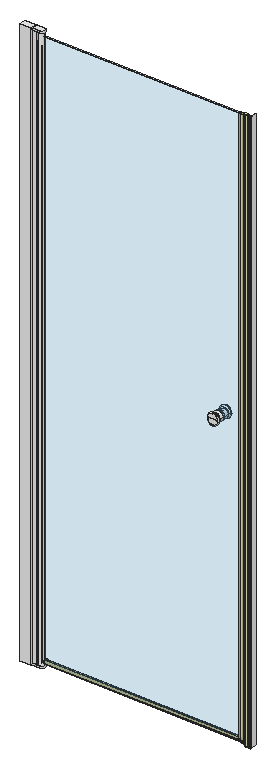
Revit family "SOL1", category Plumbing Fixtures, Revit 2015
Parameters (values of type "800")
  Width fixed panel 2 = 0 mm
  Width fixed panel = 0 mm
  Seal = Seal
  Model = "SOL1"
  L1 = 800 mm
  URL = "www.sanswiss.com"
  Type Comments = "SOLINO"
  Number of elements = 0
  Chrome = Chrome
  Aluminum = Aluminum
  Manufacturer = "SanSwiss"
  H = 2000 mm  # constant formula
  Glass = Glass
Types (5, lengths in mm): name | L1
  700 | 700
  800 | 800
  900 | 900
  1000 | 1000
  750 | 750
Reference planes
  plane 1 "Center (Front/Back)": y = 0
  plane 2: z = 0
  plane 3 "Center (Left/Right)": x = 0
  plane 4: x = 800
  plane 5: z = 2000
  plane 6 "góra": z = 1822.5
  plane 7 "klamka": z = 1000.61
  plane 8: x = 778.938
  plane 9: x = 759.789
  plane 10 "ucięcie": z = 11.8
  plane 11: z = 1984
  plane 12: z = 4.446
  plane 13: z = 1995.447
  plane 14: z = 16.178
Forms (mm)
  Extrusion 1, void, not visible
    sketch origin (0, 0, 0) x (1, 0, 0) y (0, 0, 1)
      loop
        line (47.1, 1799.5) -> (47.1, 1777.5) -> (65.984, 1777.5) -> (65.984, 1799.5) -> (47.1, 1799.5)
    from -49.545 to 25.251
  Extrusion 2, solid, material "Aluminum" <- "Aluminum", not visible
    sketch origin (0, 0, 1822.5) x (0, -1, 0) y (1, 0, 0)
      loop
        line (-1, 45.1) -> (-1, 57.085)
        arc (-1, 57.085) -> (-10, 66.085) -> (-19, 57.085) r 9
        line (-19, 57.085) -> (-19, 45.1) -> (-1, 45.1)
    from -45 to -23
  Extrusion 3, solid, material "Aluminum" <- "Aluminum", not visible
    sketch origin (0, 0, 1822.5) x (0, -1, 0) y (1, 0, 0)
      loop
        line (-1, 47.1) -> (-10, 47.1)
        arc (-10, 47.1) -> (-14.544, 48.192) -> (-18.095, 51.229) r 10
        arc (-18.095, 51.229) -> (-18.654, 51.411) -> (-19, 50.936) r 0.5
        line (-19, 50.936) -> (-19, 45.1) -> (-1, 45.1) -> (-1, 47.1)
    from -23 to 0
  Revolve 4, solid, material "Aluminum" <- "Aluminum", not visible
    sketch origin (0, 0, 1800) x (0, -1, 0) y (1, 0, 0)
      loop
        line (-21, 88.1) -> (-27.814, 88.1) -> (-27.814, 75.277) -> (-23.528, 79.564) -> (-21, 79.564) -> (-21, 88.1)
      axis (-21, 88.1) -> (-27.814, 88.1)
    angle from 0 to 360
  Revolve 5, solid, material "Aluminum" <- "Aluminum", not visible
    sketch origin (30, 0, 1800) x (0, -1, 0) y (1, 0, 0)
      loop
        line (-21, 88.1) -> (-27.814, 88.1) -> (-27.814, 75.277) -> (-23.528, 79.564) -> (-21, 79.564) -> (-21, 88.1)
      axis (-21, 88.1) -> (-27.814, 88.1)
    angle from 0 to 360
  Sweep 6, solid, material "Seal" <- "Seal"
    path origin (0, 0, -2.717) x (1, 0, 0) y (0, 0, 1)
      loop
        line (800, 1986.717) -> (800, 19.284)
    profile origin (800, 0, 1000.283) x (0, -1, 0) y (1, 0, 0)
      loop
        arc (-21.839, -38.098) -> (-21.314, -37.901) -> (-21.047, -37.409) r 0.8
        line (-21.047, -37.409) -> (-20.512, -31.606)
        arc (-20.512, -31.606) -> (-20.537, -31.058) -> (-20.757, -30.555) r 1.5
        arc (-20.757, -30.555) -> (-19.3, -25.674) -> (-20.574, -20.742) r 9.5
        arc (-20.574, -20.742) -> (-21.677, -20.006) -> (-22.933, -20.432) r 1.5
        line (-22.933, -20.432) -> (-29.748, -27.247)
        arc (-29.748, -27.247) -> (-30.154, -27.991) -> (-30.092, -28.835) r 1.5
        arc (-30.092, -28.835) -> (-29.709, -29.717) -> (-29.239, -30.555) r 9.5
        arc (-29.239, -30.555) -> (-29.459, -31.058) -> (-29.483, -31.606) r 1.5
        line (-29.483, -31.606) -> (-28.949, -37.409)
        arc (-28.949, -37.409) -> (-28.682, -37.901) -> (-28.157, -38.098) r 0.8
        line (-28.157, -38.098) -> (-27.374, -38.098) -> (-27.374, -37.133) -> (-27.83, -36.313) -> (-28.328, -31.098) -> (-21.668, -31.098) -> (-22.166, -36.313) -> (-22.622, -37.133) -> (-22.622, -38.098) -> (-21.839, -38.098)
  Extrusion 7, solid, material "Glass" <- "Glass"
    sketch origin (0, 0, 1800) x (0, -1, 0) y (1, 0, 0)
      loop
        line (-27.5, 768.902) -> (-27.5, 60.1) -> (-21.5, 60.1) -> (-21.5, 768.902) -> (-27.5, 768.902)
    from -1787 to 184
  Extrusion 8, solid, material "Seal" <- "Seal"
    sketch origin (0, 0, 0) x (0, 1, 0) y (0, 0, 1)
      loop
        line (33.991, 0.501) -> (32.472, 14.955)
        arc (32.472, 14.955) -> (32.753, 15.358) -> (33.243, 15.314) r 0.49
        line (33.243, 15.314) -> (35.532, 14.701) -> (35.49, 15.494)
        arc (35.49, 15.494) -> (35.318, 15.967) -> (34.91, 16.264) r 0.862
        line (34.91, 16.264) -> (29.09, 17.823) -> (28.328, 24.346)
        arc (28.328, 24.346) -> (27.784, 25.009) -> (26.955, 24.792) r 0.794
        line (26.955, 24.792) -> (28.209, 14.063)
        arc (28.209, 14.063) -> (27.898, 13.311) -> (27.147, 13) r 1.063
        line (27.147, 13) -> (22.622, 13)
        arc (22.622, 13) -> (21.976, 13.301) -> (21.792, 13.989) r 0.843
        line (21.792, 13.989) -> (23.046, 24.932)
        arc (23.046, 24.932) -> (22.173, 24.949) -> (21.668, 24.238) r 0.932
        line (21.668, 24.238) -> (20.512, 14.15)
        arc (20.512, 14.15) -> (21.075, 12.392) -> (22.764, 11.649) r 2.245
        line (22.764, 11.649) -> (27.214, 11.649)
        arc (27.214, 11.649) -> (28.718, 12.211) -> (29.483, 13.621) r 2.291
        line (29.483, 13.621) -> (29.387, 14.992)
        arc (29.387, 14.992) -> (29.469, 15.443) -> (29.898, 15.605) r 0.465
        line (29.898, 15.605) -> (30.87, 15.725)
        arc (30.87, 15.725) -> (31.281, 15.554) -> (31.451, 15.143) r 0.581
        line (31.451, 15.143) -> (33.001, 0.397)
        arc (33.001, 0.397) -> (33.548, -0.046) -> (33.991, 0.501) r 0.498
    from 77.062 to 778.938
  Extrusion 9, void
    sketch origin (0, 0, 0) x (1, 0, 0) y (0, 0, 1)
      loop
        line (784.842, 16.567) -> (784.842, 33.757) -> (761.902, 33.757) -> (761.902, 16.567) -> (784.842, 16.567)
    from -108.898 to 31.895
  Sweep 10, void
    path origin (-49.514, 0.178, 0) x (1, 0, 0) y (0, 0, 1)
      loop
        line (900, -1.043) -> (900, 23.957)
    profile origin (850.486, 0.178, 11.457) x (-1, 0, 0) y (0, -1, 0)
      loop
        line (85.009, -36.361) -> (69.995, -21.347) -> (69.995, -36.361) -> (85.009, -36.361)
  Sweep 11, solid, material "Seal" <- "Seal"
    path origin (0, 0, 0) x (1, 0, 0) y (0, 0, 1)
      loop
        line (800, 1984) -> (800, 0)
    profile origin (800, 0, 992) x (0, -1, 0) y (1, 0, 0)
      loop
        line (-28.662, -26.162) -> (-21.774, -19.274)
        arc (-21.774, -19.274) -> (-21.402, -18.561) -> (-21.507, -17.764) r 1.337
        line (-21.507, -17.764) -> (-22.351, -16.035)
        arc (-22.351, -16.035) -> (-22.148, -15.591) -> (-22.102, -15.105) r 1.463
        line (-22.102, -15.105) -> (-22.646, -9.188)
        arc (-22.646, -9.188) -> (-22.904, -8.684) -> (-23.438, -8.499) r 0.759
        arc (-23.438, -8.499) -> (-23.857, -8.527) -> (-24.187, -8.786) r 0.711
        line (-24.187, -8.786) -> (-24.096, -9.652) -> (-23.757, -10.379) -> (-23.288, -15.472) -> (-29.898, -15.472) -> (-29.433, -10.326) -> (-29.09, -9.591)
        arc (-29.09, -9.591) -> (-28.984, -9.058) -> (-29.199, -8.559) r 0.916
        arc (-29.199, -8.559) -> (-30.032, -8.534) -> (-30.548, -9.188) r 0.927
        line (-30.548, -9.188) -> (-31.085, -15.12)
        arc (-31.085, -15.12) -> (-31.046, -15.603) -> (-30.838, -16.04) r 1.336
        arc (-30.838, -16.04) -> (-32.307, -20.856) -> (-31.071, -25.737) r 9.37
        arc (-31.071, -25.737) -> (-29.977, -26.577) -> (-28.662, -26.162) r 1.493
  Sweep 12, solid, material "Aluminum" <- "Aluminum"
    path origin (0, 0, 0) x (1, 0, 0) y (0, 0, 1)
      loop
        line (800, 1984) -> (800, 0)
    profile origin (800, 0, 992) x (0, -1, 0) y (1, 0, 0)
      loop
        line (-28.247, -15.489) -> (-28.247, -8.519) -> (-24.947, -8.519) -> (-24.947, -15.498) -> (-23.648, -15.498) -> (-23.648, -0.218)
        arc (-23.648, -0.218) -> (-24.583, -0.806) -> (-24.947, -1.848) r 1.673
        line (-24.947, -1.848) -> (-24.947, -7.198) -> (-28.247, -7.198) -> (-28.247, -1.976)
        arc (-28.247, -1.976) -> (-28.826, -0.579) -> (-30.223, 0) r 1.976
        line (-30.223, 0) -> (-46.642, 0)
        arc (-46.642, 0) -> (-46.389, -1.318) -> (-45.237, -2.007) r 1.641
        line (-45.237, -2.007) -> (-30.531, -2.007)
        arc (-30.531, -2.007) -> (-29.867, -2.261) -> (-29.545, -2.895) r 0.992
        line (-29.545, -2.895) -> (-29.545, -14.874)
        arc (-29.545, -14.874) -> (-29.446, -15.303) -> (-29.047, -15.489) r 0.502
        line (-29.047, -15.489) -> (-28.247, -15.489)
  Revolve 13, solid, material "Aluminum" <- "Aluminum"
    sketch origin (0, 0, 1883.974) x (-1, 0, 0) y (0, -1, 0)
      loop
        line (-797.993, -39.145) -> (-791.785, -39.145)
        arc (-791.785, -39.145) -> (-791.973, -36.391) -> (-792.551, -33.693) r 19.345
        arc (-792.551, -33.693) -> (-793.289, -32.645) -> (-794.514, -32.271) r 1.972
        line (-794.514, -32.271) -> (-797.993, -32.271) -> (-797.993, -39.145)
      axis (-797.993, -39.145) -> (-791.785, -39.145)
    angle from 0 to 360
  Sweep 14, solid, material "Aluminum" <- "Aluminum"
    path origin (0, 0, 0) x (1, 0, 0) y (0, 0, 1)
      loop
        line (0, 2000) -> (0, 0)
    profile origin (0, 0, 1000) x (0, -1, 0) y (1, 0, 0)
      loop
        arc (-38.263, 1.8) -> (-37.735, 0.527) -> (-36.463, 0) r 1.8
        line (-36.463, 0) -> (-13.263, 0)
        arc (-13.263, 0) -> (-11.995, 0.525) -> (-11.47, 1.792) r 1.792
        line (-11.47, 1.792) -> (-11.47, 38.242)
        arc (-11.47, 38.242) -> (-11.866, 39.197) -> (-12.82, 39.592) r 1.35
        line (-12.82, 39.592) -> (-36.859, 39.592)
        arc (-36.859, 39.592) -> (-37.852, 39.181) -> (-38.263, 38.189) r 1.403
        line (-38.263, 38.189) -> (-38.263, 1.8)
  Revolve 15, solid, material "Aluminum" <- "Aluminum"
    sketch origin (-9.312, 936.256, 1900.61) x (0, 1, 0) y (-1, 0, 0)
      loop
        line (-897.993, -39.145) -> (-892.092, -39.145)
        arc (-892.092, -39.145) -> (-892.298, -36.517) -> (-892.793, -33.929) r 23.774
        arc (-892.793, -33.929) -> (-893.497, -32.844) -> (-894.72, -32.423) r 1.986
        line (-894.72, -32.423) -> (-897.993, -32.423) -> (-897.993, -39.145)
      axis (-897.993, -39.145) -> (-892.092, -39.145)
    angle from 0 to 360
  Revolve 16, solid, material "Aluminum" <- "Aluminum"
    sketch origin (-9.312, 936.256, 1000.61) x (0, 1, 0) y (-1, 0, 0)
      loop
        line (-897.993, -39.145) -> (-892.092, -39.145)
        arc (-892.092, -39.145) -> (-892.298, -36.517) -> (-892.793, -33.929) r 23.774
        arc (-892.793, -33.929) -> (-893.497, -32.844) -> (-894.72, -32.423) r 1.986
        line (-894.72, -32.423) -> (-897.993, -32.423) -> (-897.993, -39.145)
      axis (-897.993, -39.145) -> (-892.092, -39.145)
    angle from 0 to 360
  Revolve 17, solid, material "Aluminum" <- "Aluminum"
    sketch origin (-9.312, 936.256, 100.61) x (0, 1, 0) y (-1, 0, 0)
      loop
        line (-897.993, -39.145) -> (-892.092, -39.145)
        arc (-892.092, -39.145) -> (-892.298, -36.517) -> (-892.793, -33.929) r 23.774
        arc (-892.793, -33.929) -> (-893.497, -32.844) -> (-894.72, -32.423) r 1.986
        line (-894.72, -32.423) -> (-897.993, -32.423) -> (-897.993, -39.145)
      axis (-897.993, -39.145) -> (-892.092, -39.145)
    angle from 0 to 360
  Revolve 18, solid, material "Aluminum" <- "Aluminum"
    sketch origin (0, 0, 992) x (-1, 0, 0) y (0, -1, 0)
      loop
        line (-797.993, -39.145) -> (-791.785, -39.145)
        arc (-791.785, -39.145) -> (-791.973, -36.391) -> (-792.551, -33.693) r 19.345
        arc (-792.551, -33.693) -> (-793.289, -32.645) -> (-794.514, -32.271) r 1.972
        line (-794.514, -32.271) -> (-797.993, -32.271) -> (-797.993, -39.145)
      axis (-797.993, -39.145) -> (-791.785, -39.145)
    angle from 0 to 360
  Revolve 19, solid, material "Aluminum" <- "Aluminum"
    sketch origin (0, 0, 100.189) x (-1, 0, 0) y (0, -1, 0)
      loop
        line (-797.993, -39.145) -> (-791.785, -39.145)
        arc (-791.785, -39.145) -> (-791.973, -36.391) -> (-792.551, -33.693) r 19.345
        arc (-792.551, -33.693) -> (-793.289, -32.645) -> (-794.514, -32.271) r 1.972
        line (-794.514, -32.271) -> (-797.993, -32.271) -> (-797.993, -39.145)
      axis (-797.993, -39.145) -> (-791.785, -39.145)
    angle from 0 to 360
  Sweep 20, solid, material "Aluminum" <- "Aluminum"
    path origin (0, 0, 0) x (1, 0, 0) y (0, 0, 1)
      loop
        line (0, 4.446) -> (0, 1995.447)
    profile origin (0, 0, 999.947) x (-1, 0, 0) y (0, -1, 0)
      loop
        line (-39.592, -35.556) -> (-39.592, -14.168) -> (-57.512, -14.168)
        arc (-57.512, -14.168) -> (-59.231, -15.328) -> (-59.014, -17.391) r 2.014
        line (-59.014, -17.391) -> (-60.019, -17.391) -> (-61.202, -16.839) -> (-63.706, -17.058) -> (-62.709, -17.523)
        arc (-62.709, -17.523) -> (-59.615, -18.745) -> (-57.323, -21.156) r 7.716
        line (-57.323, -21.156) -> (-57.323, -28.491)
        arc (-57.323, -28.491) -> (-59.615, -30.902) -> (-62.709, -32.123) r 7.716
        line (-62.709, -32.123) -> (-63.706, -32.588) -> (-61.202, -32.807) -> (-59.802, -32.154) -> (-58.891, -32.154)
        arc (-58.891, -32.154) -> (-59.419, -34.301) -> (-57.599, -35.556) r 1.947
        line (-57.599, -35.556) -> (-39.592, -35.556)
  Sweep 21, solid, material "Chrome" <- "Chrome"
    path origin (0, 0, 0) x (1, 0, 0) y (0, 0, 1)
      loop
        line (0, 2000) -> (0, 1995.447)
    profile origin (0, 0, 1997.723) x (0, -1, 0) y (1, 0, 0)
      loop
        line (-14.163, 39.592) -> (-14.163, 66.995)
        arc (-14.163, 66.995) -> (-24.863, 77.695) -> (-35.563, 66.995) r 10.7
        line (-35.563, 66.995) -> (-35.563, 39.592) -> (-14.163, 39.592)
  Sweep 22, solid, material "Chrome" <- "Chrome"
    path origin (0, 0, -1995.554) x (1, 0, 0) y (0, 0, 1)
      loop
        line (0, 2000) -> (0, 1995.447)
    profile origin (0, 0, 2.17) x (0, -1, 0) y (1, 0, 0)
      loop
        line (-14.163, 39.592) -> (-14.163, 66.995)
        arc (-14.163, 66.995) -> (-24.863, 77.695) -> (-35.563, 66.995) r 10.7
        line (-35.563, 66.995) -> (-35.563, 39.592) -> (-14.163, 39.592)
  Sweep 23, solid, material "Aluminum" <- "Aluminum"
    path origin (0, 0, 0) x (1, 0, 0) y (0, 0, 1)
      loop
        line (0, 4.446) -> (0, 1995.447)
    profile origin (0, 0, 999.947) x (-1, 0, 0) y (0, -1, 0)
      loop
        circle (-66.933, -24.929) r 9.238
Cuts and joins
  Extrusion 9, Sweep 10 cuts Extrusion 8
Dimensions and locks
  "L1": plane 3 "Center (Left/Right)" to plane 4
  "H": plane 5 to level
  locked: plane 3 "Center (Left/Right)" to Extrusion 7 sketch curve at 60.1
  Sweep 6 sketch curve to plane 2 = 16.567 mm
  plane 4 to plane 8 = 21.062 mm
  locked: plane 4 to plane 9 at 40.211
  locked: nested 1 to plane 4 at 110
  aligned and locked: level to plane 2
  aligned and locked: Extrusion 7 sketch curve to Sweep 6
  aligned and locked: plane 8 to Extrusion 8
  aligned and locked: Extrusion 7 to Sweep 6
Automatic sketch dimensions
  Extrusion 1 sketch curve to Extrusion 1 sketch curve = 18.884 mm
  Extrusion 1 sketch curve to Extrusion 1 sketch curve = 22 mm
  Extrusion 2 sketch curve to Extrusion 2 sketch curve = 9 mm
  Extrusion 2 sketch curve to Extrusion 2 sketch curve = 11.985 mm
  Extrusion 3 sketch curve to Extrusion 3 sketch curve = 0.5 mm
  Extrusion 3 sketch curve to Extrusion 3 sketch curve = 2 mm
  Extrusion 3 sketch curve to Extrusion 3 sketch curve = 5.836 mm
  Extrusion 3 sketch curve to Extrusion 3 sketch curve = 10 mm
  Extrusion 3 sketch curve to Extrusion 3 sketch curve = 8.5 mm
  Extrusion 3 sketch curve to Extrusion 3 sketch curve = 9 mm
  Revolve 4 sketch curve to Revolve 4 sketch curve = 6.814 mm
  Revolve 4 sketch curve to Revolve 4 sketch curve = 0 mm  (x3)
  Revolve 5 sketch curve to Revolve 5 sketch curve = 6.814 mm
  Revolve 5 sketch curve to Revolve 5 sketch curve = 4.287 mm  (x2)
  Revolve 5 sketch curve to Revolve 5 sketch curve = 8.536 mm
  Revolve 5 sketch curve to Revolve 5 sketch curve = 0 mm  (x3)
  Revolve 4 sketch curve to Revolve 4 sketch curve = 4.287 mm  (x2)
  Revolve 4 sketch curve to Revolve 4 sketch curve = 8.536 mm
  Sweep 6 sketch curve to plane 1 "Center (Front/Back)" = 29.748 mm
  Sweep 6 sketch curve to Sweep 6 sketch curve = 0.265 mm
  Sweep 6 sketch curve to Sweep 6 sketch curve = 0.534 mm
  Sweep 6 sketch curve to Sweep 6 sketch curve = 0.95 mm
  Sweep 6 sketch curve to Sweep 6 sketch curve = 1.061 mm  (x4)
  Sweep 6 sketch curve to Sweep 6 sketch curve = 1.156 mm  (x2)
  Sweep 6 sketch curve to Sweep 6 sketch curve = 0.792 mm  (x2)
  Sweep 6 sketch curve to Sweep 6 sketch curve = 0.33 mm  (x2)
  Sweep 6 sketch curve to Sweep 6 sketch curve = 0.327 mm
  Sweep 6 sketch curve to Sweep 6 sketch curve = 0.783 mm  (x2)
  Sweep 6 sketch curve to Sweep 6 sketch curve = 5.865 mm
  Sweep 6 sketch curve to Sweep 6 sketch curve = 4.752 mm
  Sweep 6 sketch curve to Sweep 6 sketch curve = 0.456 mm
  Sweep 6 sketch curve to Sweep 6 sketch curve = 0.168 mm
  Sweep 6 sketch curve to Sweep 6 sketch curve = 0.675 mm
  profile plane to Sweep 6 sketch curve = 38.098 mm
  Sweep 6 sketch curve to Sweep 6 sketch curve = 0 mm  (x2)
  Sweep 6 sketch curve to Sweep 6 sketch curve = 0.689 mm  (x2)
  Sweep 6 sketch curve to Sweep 6 sketch curve = 0.164 mm  (x2)
  Sweep 6 sketch curve to Sweep 6 sketch curve = 0.821 mm  (x2)
  Sweep 6 sketch curve to Sweep 6 sketch curve = 4.706 mm  (x2)
  Sweep 6 sketch curve to Sweep 6 sketch curve = 0.209 mm  (x2)
  Sweep 6 sketch curve to Sweep 6 sketch curve = 0.3 mm
  Sweep 6 sketch curve to Sweep 6 sketch curve = 2.789 mm
  Sweep 6 sketch curve to Sweep 6 sketch curve = 1.75 mm
  Sweep 6 sketch curve to Sweep 6 sketch curve = 5.6 mm
  Sweep 6 sketch curve to Sweep 6 sketch curve = 4.004 mm
  Sweep 6 sketch curve to Sweep 6 sketch curve = 0.912 mm
  Extrusion 7 sketch curve to plane 1 "Center (Front/Back)" = 27.5 mm
  Extrusion 7 sketch curve to Extrusion 7 sketch curve = 6 mm
  Sweep 11 sketch curve to level = 0 mm
  Sweep 11 sketch curve to plane 4 = 0 mm
  Sweep 11 sketch curve to plane 11 = 0 mm
  profile plane to Sweep 11 sketch curve = 15.12 mm
  Sweep 11 sketch curve to plane 1 "Center (Front/Back)" = 31.085 mm
  profile plane to Sweep 11 sketch curve = 9.188 mm  (x2)
  Sweep 11 sketch curve to Sweep 11 sketch curve = 0.537 mm
  Sweep 11 sketch curve to Sweep 11 sketch curve = 1.186 mm
  Sweep 11 sketch curve to Sweep 11 sketch curve = 0.654 mm
  Sweep 11 sketch curve to Sweep 11 sketch curve = 0.142 mm
  Sweep 11 sketch curve to Sweep 11 sketch curve = 0.181 mm
  Sweep 11 sketch curve to Sweep 11 sketch curve = 0.255 mm
  profile plane to Sweep 11 sketch curve = 10.326 mm
  Sweep 11 sketch curve to Sweep 11 sketch curve = 0.207 mm
  profile plane to Sweep 11 sketch curve = 9.591 mm
  Sweep 11 sketch curve to Sweep 11 sketch curve = 0.549 mm
  Sweep 11 sketch curve to Sweep 11 sketch curve = 1.056 mm  (x2)
  profile plane to Sweep 11 sketch curve = 8.786 mm
  Sweep 11 sketch curve to Sweep 11 sketch curve = 4.904 mm
  profile plane to Sweep 11 sketch curve = 9.652 mm
  Sweep 11 sketch curve to Sweep 11 sketch curve = 0.091 mm
  profile plane to Sweep 11 sketch curve = 10.379 mm
  Sweep 11 sketch curve to Sweep 11 sketch curve = 0.339 mm
  Sweep 11 sketch curve to Sweep 11 sketch curve = 0.494 mm
  Sweep 11 sketch curve to Sweep 11 sketch curve = 0.196 mm
  Sweep 11 sketch curve to Sweep 11 sketch curve = 0.2 mm
  Sweep 11 sketch curve to Sweep 11 sketch curve = 0.272 mm
  Sweep 11 sketch curve to Sweep 11 sketch curve = 0.349 mm
  Sweep 11 sketch curve to Sweep 11 sketch curve = 0.22 mm
  Sweep 11 sketch curve to Sweep 11 sketch curve = 0.756 mm
  profile plane to Sweep 11 sketch curve = 16.035 mm
  Sweep 11 sketch curve to Sweep 11 sketch curve = 0.937 mm
  profile plane to Sweep 11 sketch curve = 15.105 mm
  Sweep 11 sketch curve to Sweep 11 sketch curve = 0.249 mm
  Sweep 11 sketch curve to Sweep 11 sketch curve = 0.945 mm
  Sweep 11 sketch curve to Sweep 11 sketch curve = 1.211 mm
  Sweep 11 sketch curve to Sweep 11 sketch curve = 1.729 mm
  Sweep 11 sketch curve to Sweep 11 sketch curve = 0.565 mm
  Sweep 11 sketch curve to Sweep 11 sketch curve = 1.807 mm
  Sweep 11 sketch curve to Sweep 11 sketch curve = 4.025 mm
  Sweep 11 sketch curve to Sweep 11 sketch curve = 0.26 mm
  Sweep 11 sketch curve to Sweep 11 sketch curve = 0.215 mm
  Sweep 11 sketch curve to Sweep 11 sketch curve = 0.217 mm
  Sweep 11 sketch curve to Sweep 11 sketch curve = 0.07 mm
  Sweep 11 sketch curve to Sweep 11 sketch curve = 0.066 mm
  Sweep 11 sketch curve to Sweep 11 sketch curve = 0.221 mm
  Sweep 11 sketch curve to Sweep 11 sketch curve = 1.353 mm
  Sweep 12 sketch curve to level = 0 mm
  Sweep 12 sketch curve to plane 4 = 0 mm
  Sweep 12 sketch curve to plane 11 = 0 mm
  Sweep 12 sketch curve to profile plane = 0 mm
  Sweep 12 sketch curve to plane 1 "Center (Front/Back)" = 46.642 mm
  Sweep 12 sketch curve to Sweep 12 sketch curve = 1.405 mm
  Sweep 12 sketch curve to Sweep 12 sketch curve = 1.597 mm
  profile plane to Sweep 12 sketch curve = 2.999 mm
  Sweep 12 sketch curve to Sweep 12 sketch curve = 14.706 mm
  Sweep 12 sketch curve to Sweep 12 sketch curve = 0.308 mm
  Sweep 12 sketch curve to Sweep 12 sketch curve = 0.986 mm
  Sweep 12 sketch curve to Sweep 12 sketch curve = 0.489 mm
  Sweep 12 sketch curve to Sweep 12 sketch curve = 0.009 mm  (x2)
  Sweep 12 sketch curve to Sweep 12 sketch curve = 0.8 mm
  Sweep 12 sketch curve to Sweep 12 sketch curve = 1.298 mm
  Sweep 12 sketch curve to Sweep 12 sketch curve = 3.3 mm  (x2)
  Sweep 12 sketch curve to Sweep 12 sketch curve = 1.3 mm
  Sweep 12 sketch curve to Sweep 12 sketch curve = 1.673 mm
  Sweep 12 sketch curve to Sweep 12 sketch curve = 4.199 mm
  Sweep 12 sketch curve to Sweep 12 sketch curve = 1.321 mm
  Sweep 12 sketch curve to Sweep 12 sketch curve = 6.356 mm
  Sweep 12 sketch curve to Sweep 12 sketch curve = 0.113 mm
  Sweep 12 sketch curve to Sweep 12 sketch curve = 0.104 mm
  profile plane to Sweep 12 sketch curve = 1.848 mm
  plane 4 to Revolve 13 sketch curve = 11.13 mm
  Revolve 13 sketch curve to plane 4 = 2.007 mm
  Revolve 13 sketch curve to Revolve 13 sketch curve = 3.479 mm
  Revolve 13 sketch curve to Revolve 13 sketch curve = 0.069 mm
  Revolve 13 sketch curve to Revolve 13 sketch curve = 2.66 mm
  Revolve 13 sketch curve to plane 1 "Center (Front/Back)" = 39.145 mm
  Revolve 13 sketch curve to Revolve 13 sketch curve = 0.061 mm
  Revolve 13 sketch curve to Revolve 13 sketch curve = 4.903 mm
  Revolve 13 sketch curve to Revolve 13 sketch curve = 1.971 mm
  Revolve 13 sketch curve to Revolve 13 sketch curve = 0 mm  (x2)
  Revolve 13 sketch curve to Revolve 13 sketch curve = 0.766 mm
  Sweep 14 sketch curve to level = 0 mm
  Sweep 14 sketch curve to plane 3 "Center (Left/Right)" = 0 mm
  Sweep 14 sketch curve to plane 5 = 0 mm
  Sweep 14 sketch curve to profile plane = 0 mm
  Sweep 14 sketch curve to profile plane = 1.8 mm
  Sweep 14 sketch curve to plane 1 "Center (Front/Back)" = 38.263 mm
  Sweep 14 sketch curve to Sweep 14 sketch curve = 1.403 mm
  Sweep 14 sketch curve to plane 1 "Center (Front/Back)" = 13.263 mm
  Sweep 14 sketch curve to plane 1 "Center (Front/Back)" = 12.82 mm
  Sweep 14 sketch curve to Sweep 14 sketch curve = 1.792 mm
  Sweep 14 sketch curve to Sweep 14 sketch curve = 36.389 mm
  Revolve 15 sketch curve to plane 1 "Center (Front/Back)" = 20.395 mm
  Revolve 15 sketch curve to Revolve 15 sketch curve = 17.867 mm
  Revolve 15 sketch curve to Revolve 15 sketch curve = 3.274 mm
  Revolve 15 sketch curve to Revolve 15 sketch curve = 2.627 mm
  plane 3 "Center (Left/Right)" to Revolve 15 sketch curve = 30.368 mm
  Revolve 15 sketch curve to Revolve 15 sketch curve = 0.535 mm
  Revolve 15 sketch curve to Revolve 15 sketch curve = 4.736 mm
  Revolve 15 sketch curve to Revolve 15 sketch curve = 1.986 mm
  Revolve 15 sketch curve to Revolve 15 sketch curve = 0 mm  (x2)
  Revolve 15 sketch curve to Revolve 15 sketch curve = 0.459 mm
  Revolve 16 sketch curve to plane 1 "Center (Front/Back)" = 20.395 mm
  Revolve 16 sketch curve to Revolve 16 sketch curve = 17.867 mm
  Revolve 16 sketch curve to Revolve 16 sketch curve = 3.274 mm
  Revolve 16 sketch curve to Revolve 16 sketch curve = 2.627 mm
  plane 3 "Center (Left/Right)" to Revolve 16 sketch curve = 30.368 mm
  Revolve 16 sketch curve to Revolve 16 sketch curve = 0.535 mm
  Revolve 16 sketch curve to Revolve 16 sketch curve = 4.736 mm
  Revolve 16 sketch curve to Revolve 16 sketch curve = 1.986 mm
  Revolve 16 sketch curve to Revolve 16 sketch curve = 0 mm  (x2)
  Revolve 16 sketch curve to Revolve 16 sketch curve = 0.459 mm
  Revolve 17 sketch curve to plane 1 "Center (Front/Back)" = 20.395 mm
  Revolve 17 sketch curve to Revolve 17 sketch curve = 17.867 mm
  Revolve 17 sketch curve to Revolve 17 sketch curve = 3.274 mm
  Revolve 17 sketch curve to Revolve 17 sketch curve = 2.627 mm
  plane 3 "Center (Left/Right)" to Revolve 17 sketch curve = 30.368 mm
  Revolve 17 sketch curve to Revolve 17 sketch curve = 0.535 mm
  Revolve 17 sketch curve to Revolve 17 sketch curve = 4.736 mm
  Revolve 17 sketch curve to Revolve 17 sketch curve = 1.986 mm
  Revolve 17 sketch curve to Revolve 17 sketch curve = 0 mm  (x2)
  Revolve 17 sketch curve to Revolve 17 sketch curve = 0.459 mm
  plane 4 to Revolve 18 sketch curve = 11.13 mm
  Revolve 18 sketch curve to plane 4 = 2.007 mm
  Revolve 18 sketch curve to Revolve 18 sketch curve = 3.479 mm
  Revolve 18 sketch curve to Revolve 18 sketch curve = 0.069 mm
  Revolve 18 sketch curve to Revolve 18 sketch curve = 2.66 mm
  Revolve 18 sketch curve to plane 1 "Center (Front/Back)" = 39.145 mm
  Revolve 18 sketch curve to Revolve 18 sketch curve = 0.061 mm
  Revolve 18 sketch curve to Revolve 18 sketch curve = 4.903 mm
  Revolve 18 sketch curve to Revolve 18 sketch curve = 1.971 mm
  Revolve 18 sketch curve to Revolve 18 sketch curve = 0 mm  (x2)
  Revolve 18 sketch curve to Revolve 18 sketch curve = 0.766 mm
  plane 4 to Revolve 19 sketch curve = 11.13 mm
  Revolve 19 sketch curve to plane 4 = 2.007 mm
  Revolve 19 sketch curve to Revolve 19 sketch curve = 3.479 mm
  Revolve 19 sketch curve to Revolve 19 sketch curve = 0.069 mm
  Revolve 19 sketch curve to Revolve 19 sketch curve = 2.66 mm
  Revolve 19 sketch curve to plane 1 "Center (Front/Back)" = 39.145 mm
  Revolve 19 sketch curve to Revolve 19 sketch curve = 0.061 mm
  Revolve 19 sketch curve to Revolve 19 sketch curve = 4.903 mm
  Revolve 19 sketch curve to Revolve 19 sketch curve = 1.971 mm
  Revolve 19 sketch curve to Revolve 19 sketch curve = 0 mm  (x2)
  Revolve 19 sketch curve to Revolve 19 sketch curve = 0.766 mm
  Sweep 20 sketch curve to plane 3 "Center (Left/Right)" = 0 mm
  Sweep 20 sketch curve to plane 12 = 0 mm
  Sweep 20 sketch curve to plane 13 = 0 mm
  Sweep 21 sketch curve to plane 3 "Center (Left/Right)" = 0 mm
  Sweep 21 sketch curve to plane 13 = 0 mm
  Sweep 21 sketch curve to plane 5 = 0 mm
  Sweep 21 sketch curve to plane 1 "Center (Front/Back)" = 35.563 mm
  Sweep 21 sketch curve to Sweep 21 sketch curve = 10.7 mm
  Sweep 21 sketch curve to profile plane = 39.592 mm
  Sweep 21 sketch curve to Sweep 21 sketch curve = 27.403 mm
  Sweep 22 sketch curve to plane 3 "Center (Left/Right)" = 0 mm
  Sweep 22 sketch curve to plane 12 = 0 mm
  Sweep 22 sketch curve to level = 0.107 mm
  Sweep 22 sketch curve to plane 1 "Center (Front/Back)" = 35.563 mm
  Sweep 22 sketch curve to Sweep 22 sketch curve = 10.7 mm
  Sweep 22 sketch curve to profile plane = 39.592 mm
  Sweep 22 sketch curve to Sweep 22 sketch curve = 27.403 mm
  Sweep 20 sketch curve to plane 1 "Center (Front/Back)" = 25.142 mm
  profile plane to Sweep 20 sketch curve = 63.93 mm
  Sweep 20 sketch curve to Sweep 20 sketch curve = 0 mm
  Sweep 20 sketch curve to plane 1 "Center (Front/Back)" = 17.058 mm
  Sweep 20 sketch curve to Sweep 20 sketch curve = 0.224 mm  (x2)
  Sweep 20 sketch curve to Sweep 20 sketch curve = 0.997 mm  (x2)
  Sweep 20 sketch curve to plane 1 "Center (Front/Back)" = 17.523 mm
  Sweep 20 sketch curve to Sweep 20 sketch curve = 1.506 mm  (x2)
  Sweep 20 sketch curve to plane 1 "Center (Front/Back)" = 16.839 mm
  Sweep 20 sketch curve to Sweep 20 sketch curve = 1.184 mm
  Sweep 20 sketch curve to Sweep 20 sketch curve = 1.401 mm
  Sweep 20 sketch curve to Sweep 20 sketch curve = 1.004 mm
  Sweep 20 sketch curve to Sweep 20 sketch curve = 0.91 mm
  Sweep 20 sketch curve to Sweep 20 sketch curve = 1.292 mm
  Sweep 20 sketch curve to Sweep 20 sketch curve = 1.503 mm
  Sweep 20 sketch curve to Sweep 20 sketch curve = 0.106 mm
  Sweep 20 sketch curve to Sweep 20 sketch curve = 1.692 mm
  Sweep 20 sketch curve to Sweep 20 sketch curve = 17.919 mm
  Sweep 20 sketch curve to Sweep 20 sketch curve = 0.031 mm
  Sweep 20 sketch curve to Sweep 20 sketch curve = 0.465 mm
  Sweep 20 sketch curve to Sweep 20 sketch curve = 0.653 mm
  Sweep 20 sketch curve to Sweep 20 sketch curve = 1.456 mm
  Sweep 20 sketch curve to Sweep 20 sketch curve = 3.664 mm
  Sweep 20 sketch curve to Sweep 20 sketch curve = 0.637 mm
  Sweep 20 sketch curve to Sweep 20 sketch curve = 0.552 mm
  Sweep 20 sketch curve to Sweep 20 sketch curve = 1.212 mm
  Sweep 23 sketch curve to plane 3 "Center (Left/Right)" = 0 mm
  Sweep 23 sketch curve to plane 12 = 0 mm
  Sweep 23 sketch curve to plane 13 = 0 mm
  Sweep 23 sketch curve to plane 1 "Center (Front/Back)" = 24.929 mm
  profile plane to Sweep 23 sketch curve = 66.933 mm
  plane 10 "ucięcie" to Extrusion 8 sketch curve = 2.35 mm
  Extrusion 8 sketch curve to plane 1 "Center (Front/Back)" = 20.512 mm
  Extrusion 8 sketch curve to Extrusion 8 sketch curve = 1.156 mm
  plane 10 "ucięcie" to Extrusion 8 sketch curve = 2.189 mm
  Extrusion 8 sketch curve to Extrusion 8 sketch curve = 1.279 mm
  Extrusion 8 sketch curve to Extrusion 8 sketch curve = 0.924 mm
  Extrusion 8 sketch curve to Extrusion 8 sketch curve = 0.83 mm
  Extrusion 8 sketch curve to Extrusion 8 sketch curve = 0.122 mm
  Extrusion 8 sketch curve to plane 10 "ucięcie" = 0.151 mm
  Extrusion 8 sketch curve to Extrusion 8 sketch curve = 0.143 mm
  plane 10 "ucięcie" to Extrusion 8 sketch curve = 13.132 mm
  Extrusion 8 sketch curve to Extrusion 8 sketch curve = 0.453 mm
  plane 10 "ucięcie" to Extrusion 8 sketch curve = 12.992 mm
  Extrusion 8 sketch curve to Extrusion 8 sketch curve = 3.909 mm
  plane 10 "ucięcie" to Extrusion 8 sketch curve = 2.263 mm
  Extrusion 8 sketch curve to Extrusion 8 sketch curve = 4.403 mm
  Extrusion 8 sketch curve to Extrusion 8 sketch curve = 0.068 mm
  Extrusion 8 sketch curve to Extrusion 8 sketch curve = 0.584 mm
  Extrusion 8 sketch curve to Extrusion 8 sketch curve = 0.995 mm
  plane 10 "ucięcie" to Extrusion 8 sketch curve = 12.546 mm
  Extrusion 8 sketch curve to Extrusion 8 sketch curve = 0.789 mm
  plane 10 "ucięcie" to Extrusion 8 sketch curve = 6.023 mm
  Extrusion 8 sketch curve to Extrusion 8 sketch curve = 0.881 mm
  plane 10 "ucięcie" to Extrusion 8 sketch curve = 3.192 mm
  Extrusion 8 sketch curve to Extrusion 8 sketch curve = 1.178 mm
  plane 10 "ucięcie" to Extrusion 8 sketch curve = 1.821 mm
  Extrusion 8 sketch curve to Extrusion 8 sketch curve = 1.274 mm
  Extrusion 8 sketch curve to Extrusion 8 sketch curve = 0.439 mm
  plane 10 "ucięcie" to Extrusion 8 sketch curve = 3.805 mm
  Extrusion 8 sketch curve to Extrusion 8 sketch curve = 0.072 mm
  Extrusion 8 sketch curve to Extrusion 8 sketch curve = 1.044 mm
  plane 10 "ucięcie" to Extrusion 8 sketch curve = 3.343 mm
  Extrusion 8 sketch curve to Extrusion 8 sketch curve = 0.581 mm
  plane 10 "ucięcie" to Extrusion 8 sketch curve = 3.155 mm
  Extrusion 8 sketch curve to Extrusion 8 sketch curve = 1.021 mm
  Extrusion 8 sketch curve to Extrusion 8 sketch curve = 0.488 mm
  plane 10 "ucięcie" to Extrusion 8 sketch curve = 3.514 mm
  Extrusion 8 sketch curve to Extrusion 8 sketch curve = 0.283 mm
  level to Extrusion 8 sketch curve = 0.449 mm
  Extrusion 8 sketch curve to Extrusion 8 sketch curve = 6.282 mm
  Extrusion 8 sketch curve to Extrusion 8 sketch curve = 1.386 mm
  plane 10 "ucięcie" to Extrusion 8 sketch curve = 4.464 mm
  Extrusion 8 sketch curve to Extrusion 8 sketch curve = 0.281 mm
  plane 10 "ucięcie" to Extrusion 8 sketch curve = 3.694 mm
  Extrusion 8 sketch curve to Extrusion 8 sketch curve = 0.861 mm
  plane 10 "ucięcie" to Extrusion 8 sketch curve = 2.901 mm
  Extrusion 8 sketch curve to Extrusion 8 sketch curve = 0.042 mm
  Extrusion 8 sketch curve to Extrusion 8 sketch curve = 0.815 mm
  Extrusion 8 sketch curve to Extrusion 8 sketch curve = 0.495 mm  (x2)
  level to Extrusion 8 sketch curve = 0.397 mm
  plane 14 to Sweep 10 sketch curve = 7.779 mm
  plane 4 to Sweep 10 sketch curve = 50.486 mm
  Sweep 10 sketch curve to level = 1.043 mm
  Sweep 10 sketch curve to profile plane = 21.347 mm
  Sweep 10 sketch curve to profile plane = 69.995 mm
  Sweep 10 sketch curve to Sweep 10 sketch curve = 15.015 mm  (x2)
  Sweep 6 sketch curve to plane 4 = 0 mm
  Sweep 6 sketch curve to plane 11 = 0 mm
  plane 14 to Extrusion 9 sketch curve = 0.389 mm
  plane 9 to Extrusion 9 sketch curve = 2.114 mm
  plane 8 to Extrusion 9 sketch curve = 5.904 mm
  Extrusion 9 sketch curve to Extrusion 9 sketch curve = 17.19 mm
  radius of Sweep 23 sketch curve = 9.238 mm
Nested families
  nested 1: "doorknob SOLINO" at (690, 9.051, -30.097), type "doorknob SOLINO"
Definition of nested family "doorknob SOLINO"
  Parameters (values of type "doorknob SOLINO")
    Chrome = none
  Reference planes
    plane 1 "Center (Front/Back)": y = 0
    plane 2: z = 0
    plane 3 "Center (Left/Right)": x = 0
    plane 4 "tył": y = 44.476
    plane 5 "przód": y = -13.458
    plane 6 "klamka": z = 1037.624
  Forms (mm)
    Revolve 1, solid, material <- "Chrome"
      sketch origin (0, 0, 1037.624) x (0, -1, 0) y (1, 0, 0)
        loop
          line (13.458, 0) -> (-44.476, 0) -> (-44.476, -18.192)
          arc (-44.476, -18.192) -> (-43.385, -19.779) -> (-41.46, -19.729) r 2.019
          line (-41.46, -19.729) -> (-34.604, -15.771)
          arc (-34.604, -15.771) -> (-34.125, -15.573) -> (-33.612, -15.505) r 1.985
          line (-33.612, -15.505) -> (-19.519, -15.505) -> (-19.519, -14.624) -> (-11.469, -14.624) -> (-11.469, -15.505) -> (2.665, -15.505)
          arc (2.665, -15.505) -> (3.181, -15.573) -> (3.662, -15.772) r 2.01
          line (3.662, -15.772) -> (10.527, -19.716)
          arc (10.527, -19.716) -> (12.238, -19.858) -> (13.458, -18.649) r 2.051
          line (13.458, -18.649) -> (13.458, 0)
        axis (-44.476, 0) -> (13.458, 0)
      angle from 0 to 360
  Dimensions and locks
    aligned and locked: level to plane 2
